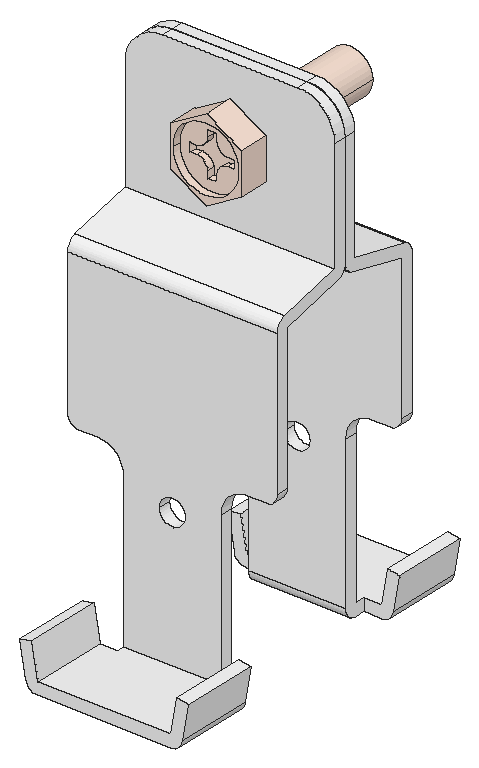
Revit family "taifuatsu-sclip_c40", category 機械設備, Revit 2022
Family settings
  丸型コネクタ寸法 = 直径を使用
  種別 = なし
  パーツ タイプ = 標準
  作業面ベース = いいえ
  常に垂直 = はい
  ロード時にボイドで切り取り = いいえ
  注釈の向きを維持 = いいえ
  共有 = いいえ
  部屋計算ポイント = いいえ
Parameters
  製造元 = "株式会社桐井製作所"
  既定の高さ = 0 mm
  URL = "https://www.kirii.co.jp/"
  K_品名 = "耐風圧Sクリップ(C40用)"
  K_名称 = "耐風圧クリップ"
  K_入数 = "100"
  K_バージョン情報 = "20210714"
Reference planes
  plane 1 "中心(正面/背面)": y = 0
  plane 2: z = 0
  plane 3 "中心(左/右)": x = 0
  plane 4: x = 14
  plane 5: x = -14
Forms (mm)
  Extrusion 1, solid
    sketch origin (-0.054, 0, 0) x (0, 1, 0) y (0, 0, 1)
      loop
        arc (-11.228, 0) -> (-10.079, 0.459) -> (-9.6, 1.6) r 1.6
        line (-9.6, 1.6) -> (-9.6, 46.272) -> (-1.238, 48.213)
        arc (-1.238, 48.213) -> (-0.347, 48.776) -> (0, 49.772) r 1.6
        line (0, 49.772) -> (0, 69.772) -> (-1.6, 69.772) -> (-1.6, 49.772) -> (-9.962, 47.83)
        arc (-9.962, 47.83) -> (-10.853, 47.267) -> (-11.2, 46.272) r 1.6
        line (-11.2, 46.272) -> (-11.2, 1.6) -> (-12.6, 1.6) -> (-12.6, 0) -> (-11.228, 0)
    from -13.946 to 14.054
  Extrusion 2, void
    sketch origin (0, 0, 0) x (1, 0, 0) y (0, 0, 1)
      loop
        line (-9, 69.772) -> (-14, 69.772) -> (-14, 64.772)
        arc (-14, 64.772) -> (-12.536, 68.307) -> (-9, 69.772) r 5
      loop
        line (14, 64.772) -> (14, 69.772) -> (9, 69.772)
        arc (9, 69.772) -> (12.536, 68.307) -> (14, 64.772) r 5
    from 0 to 1.6
  Extrusion 3, void
    sketch origin (0, 0, 0) x (1, 0, 0) y (0, 0, 1)
      loop
        arc (10, 25.5) -> (7.525, 24.475) -> (6.5, 22) r 3.5
        line (6.5, 22) -> (6.5, -0.84) -> (14, -0.84) -> (14, 27)
        arc (14, 27) -> (13.561, 25.939) -> (12.5, 25.5) r 1.5
        line (12.5, 25.5) -> (10, 25.5)
    from 9.6 to 12.6
  Extrusion 4, void
    sketch origin (0, 0, 0) x (-1, 0, 0) y (0, 0, -1)
      loop
        line (10, -25.5) -> (12.5, -25.5)
        arc (12.5, -25.5) -> (13.561, -25.939) -> (14, -27) r 1.5
        line (14, -27) -> (14, 0.84) -> (6.5, 0.84) -> (6.5, -22)
        arc (6.5, -22) -> (7.525, -24.475) -> (10, -25.5) r 3.5
    from 9.6 to 12.6
  Extrusion 5, solid
    sketch origin (0, 0, 0) x (1, 0, 0) y (0, 0, 1)
      loop
        line (8.9, 1.6) -> (-8.9, 1.6) -> (-9.67, 6.2) -> (-11.25, 5.949) -> (-10.478, 1.336)
        arc (-10.478, 1.336) -> (-9.934, 0.379) -> (-8.9, 0) r 1.6
        line (-8.9, 0) -> (8.9, 0)
        arc (8.9, 0) -> (9.934, 0.379) -> (10.478, 1.336) r 1.6
        line (10.478, 1.336) -> (11.25, 5.949) -> (9.67, 6.2) -> (8.9, 1.6)
    from 12.214 to 22.598
  Extrusion 6, solid
    sketch origin (-0.054, 0, 0) x (0, -1, 0) y (0, 0, -1)
      loop
        line (-11.228, 0) -> (-12.6, 0) -> (-12.6, -1.6) -> (-11.2, -1.6) -> (-11.2, -46.272)
        arc (-11.2, -46.272) -> (-10.853, -47.267) -> (-9.962, -47.83) r 1.6
        line (-9.962, -47.83) -> (-1.6, -49.772) -> (-1.6, -69.772) -> (0, -69.772) -> (0, -49.772)
        arc (0, -49.772) -> (-0.347, -48.776) -> (-1.238, -48.213) r 1.6
        line (-1.238, -48.213) -> (-9.6, -46.272) -> (-9.6, -1.6)
        arc (-9.6, -1.6) -> (-10.079, -0.459) -> (-11.228, 0) r 1.6
    from -13.946 to 14.054
  Extrusion 7, void
    sketch origin (0, 0, 0) x (1, 0, 0) y (0, 0, -1)
      loop
        arc (-9, -69.772) -> (-12.536, -68.307) -> (-14, -64.772) r 5
        line (-14, -64.772) -> (-14, -69.772) -> (-9, -69.772)
      loop
        arc (14, -64.772) -> (12.536, -68.307) -> (9, -69.772) r 5
        line (9, -69.772) -> (14, -69.772) -> (14, -64.772)
    from 0 to 1.6
  Extrusion 8, void
    sketch origin (-12.498, 0, 10.164) x (1, 0, 0) y (0, 0, -1)
      loop
        circle (12.498, -49.625) r 3.5
    from -1.6 to 1.6
  Extrusion 9, void
    sketch origin (0, 0, 0) x (1, 0, 0) y (0, 0, -1)
      loop
        line (10, -25.5) -> (12.5, -25.5)
        arc (12.5, -25.5) -> (13.561, -25.939) -> (14, -27) r 1.5
        line (14, -27) -> (14, 0.84) -> (6.5, 0.84) -> (6.5, -22)
        arc (6.5, -22) -> (7.525, -24.475) -> (10, -25.5) r 3.5
    from 9.6 to 12.6
  Extrusion 10, void
    sketch origin (0, 0, 0) x (-1, 0, 0) y (0, 0, 1)
      loop
        arc (10, 25.5) -> (7.525, 24.475) -> (6.5, 22) r 3.5
        line (6.5, 22) -> (6.5, -2.063) -> (14, -2.063) -> (14, 27)
        arc (14, 27) -> (13.561, 25.939) -> (12.5, 25.5) r 1.5
        line (12.5, 25.5) -> (10, 25.5)
    from 9.6 to 12.6
  Extrusion 11, solid
    sketch origin (0, 0, 0) x (1, 0, 0) y (0, 0, -1)
      loop
        line (8.9, -1.6) -> (9.67, -6.2) -> (11.25, -5.949) -> (10.478, -1.336)
        arc (10.478, -1.336) -> (9.934, -0.379) -> (8.9, 0) r 1.6
        line (8.9, 0) -> (-8.9, 0)
        arc (-8.9, 0) -> (-9.934, -0.379) -> (-10.478, -1.336) r 1.6
        line (-10.478, -1.336) -> (-11.25, -5.949) -> (-9.67, -6.2) -> (-8.9, -1.6) -> (8.9, -1.6)
    from 12.214 to 22.598
  Extrusion 12, void
    sketch origin (0, 0, 0) x (1, 0, 0) y (0, 0, -1)
      loop
        line (10, -25.5) -> (12.5, -25.5)
        arc (12.5, -25.5) -> (13.561, -25.939) -> (14, -27) r 1.5
        line (14, -27) -> (14, 2.063) -> (6.5, 2.063) -> (6.5, -22)
        arc (6.5, -22) -> (7.525, -24.475) -> (10, -25.5) r 3.5
    from 9.6 to 12.6
  Extrusion 13, void
    sketch origin (0, 0, 0) x (1, 0, 0) y (0, 0, 1)
      loop
        circle (0, 20) r 1.75
    from 9.6 to 11.2
  Extrusion 14, void
    sketch origin (0, 20.8, 0) x (1, 0, 0) y (0, 0, 1)
      loop
        circle (0, 20) r 1.75
    from 9.6 to 11.2
  Extrusion 15, solid
    sketch origin (-25.005, 4.4, 6.591) x (1, 0, 0) y (0, 0, -1)
      loop
        circle (25.005, -53.148) r 4.7
      loop
        circle (25.005, -53.198) r 3.5
    from -2.8 to -1.6
Cuts and joins
  Extrusion 2, Extrusion 3, Extrusion 4, Extrusion 7, Extrusion 8, Extrusion 9, Extrusion 10, Extrusion 13, Extrusion 14 cuts Extrusion 1
  Extrusion 7, Extrusion 8, Extrusion 9, Extrusion 10, Extrusion 13, Extrusion 14 cuts Extrusion 5
  joined: Extrusion 1, Extrusion 5
  Extrusion 7, Extrusion 8, Extrusion 10, Extrusion 12, Extrusion 14 cuts Extrusion 6
  Extrusion 9, Extrusion 12 cuts Extrusion 11
  joined: Extrusion 6, Extrusion 11
Dimensions and locks
  aligned and locked: level to plane 2
Nested families
  nested 1: "M6×20ボルト" at (0.011, -1.6, 59.939), type "M6×20ボルト"
Definition of nested family "M6×20ボルト"
  Parameters (values of type "M6×20ボルト")
    Manufacturer = "株式会社桐井製作所"
    Default Elevation = 0 mm
    URL = "https://www.kirii.co.jp/"
    K_材料規格 = "M6×L20"
    K_品名 = "M6×20ボルト"
    K_名称 = "ボルト"
  Reference planes
    plane 1 "中心(正面/背面)": y = 0
    plane 2: z = 0
    plane 3 "中心(左/右)": x = 0
    plane 4 "正面": y = -4
  Forms (mm)
    Extrusion 1, solid
      sketch origin (0, 0, 0) x (1, 0, 0) y (0, 0, 1)
        loop
          line (-4.763, -2.946) -> (0, -5.696) -> (4.763, -2.946) -> (4.763, 2.554) -> (0, 5.304) -> (-4.763, 2.554) -> (-4.763, -2.946)
      from 0 to 4
    Extrusion 2, void
      sketch origin (0, -4, 0) x (-1, 0, 0) y (0, 0, 1)
        loop
          circle (0, -0.156) r 4.396
      from 0 to 1
    Extrusion 3, void
      sketch origin (0, -4, 0) x (-1, 0, 0) y (0, 0, 1)
        loop
          arc (-0.6, 1.814) -> (-1.069, 0.856) -> (-2.036, 0.404) r 1.605
          line (-2.036, 0.404) -> (-2.939, 0.404)
          arc (-2.939, 0.404) -> (-3, -0.195) -> (-2.94, -0.795) r 3
          line (-2.94, -0.795) -> (-2.049, -0.795)
          arc (-2.049, -0.795) -> (-1.074, -1.243) -> (-0.6, -2.206) r 1.605
          line (-0.6, -2.206) -> (-0.6, -3.135)
          arc (-0.6, -3.135) -> (0, -3.196) -> (0.6, -3.135) r 3
          line (0.6, -3.135) -> (0.6, -2.206)
          arc (0.6, -2.206) -> (1.074, -1.243) -> (2.049, -0.795) r 1.605
          line (2.049, -0.795) -> (2.94, -0.795)
          arc (2.94, -0.795) -> (3, -0.198) -> (2.941, 0.398) r 3
          line (2.941, 0.398) -> (2.117, 0.398)
          arc (2.117, 0.398) -> (1.098, 0.828) -> (0.6, 1.814) r 1.605
          line (0.6, 1.814) -> (0.6, 2.743)
          arc (0.6, 2.743) -> (0, 2.804) -> (-0.6, 2.743) r 3
          line (-0.6, 2.743) -> (-0.6, 1.814)
      from 0 to 2
    Extrusion 4, solid
      sketch origin (0, 0, 0) x (1, 0, 0) y (0, 0, 1)
        loop
          circle (-0.011, -0.2) r 3
      from 0 to -20
  Cuts and joins
    Extrusion 2, Extrusion 3 cuts Extrusion 1
    joined: Extrusion 1, Extrusion 4
  Dimensions and locks
    aligned and locked: level to plane 2
